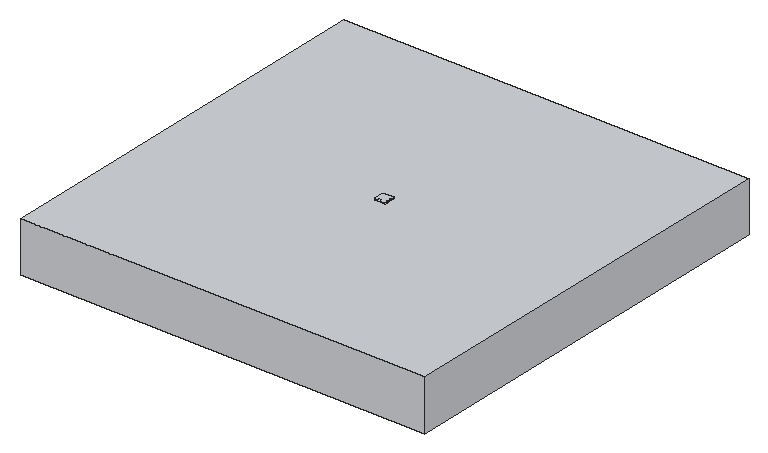
Revit family "Gira_540900rfa", category Allgemeines Modell, Revit 2017
Family settings
  Basisbauteil = Fläche
  Kann Basisbauteil für Bewehrung sein = Nein
  Bemaßung runder Anschluss = Durchmesser verwenden
  Teiletyp = Normal
  Beim Laden mit Abzugskörper schneiden = Nein
  Gemeinsam genutzt = Nein
  Raumberechnungspunkt = Nein
Parameters
  With memory function = no
  With glass breaking detector connection = no
  With brightness sensor connection = no
  With N-busbar = no
  With Astro program = no
  Default Elevation = 1219.2 mm
  URL = "https://www.gira.de/"
  Typname = "S3000 aux.ins. 3-wire Insert"
  Type of load = "Universal"
  Type of fastening = "Mounting with claw and screw"
  Transparent = no
  Through loss at 860 MHz [B] = 0.1
  Through loss at 2150 MHz [B] = 0.1
  Temperature [Kelvin] = "[5:45]"
  Switch-off protection = no
  Surface protection = "Other"
  Surface finishing = "Not applicable"
  Suitable for wire wound low voltage transformer = yes
  Suitable for wind sensor = no
  Suitable for staircase time switch = no
  Suitable for rain sensor = no
  Suitable for fluorescent tube/energy-saving lamp = yes
  Suitable for electronic low voltage transformer = yes
  Suitable for degree of protection (IP) = "IP20"
  Suitable for 230 V incandescent lamp/halogen lamp = yes
  Substation input = yes
  Shielded housing = no
  Shielded buses = yes
  Serial dimmer = no
  Separate strain relief = yes
  Random generator = no
  Productwebsite = "http://katalog.gira.de/en/datenblatt.html?artikelnr=540900"
  Only suitable as substation = no
  Nominal voltage [Volt] 3 = "[230:230]"
  Nominal voltage [Volt] 2 = "[230:230]"
  Nominal voltage [Volt] = 230
  Mounting method shielding connection = "Screw"
  Mounting method = "Flush mounted (plaster)"
  Model = "Auxiliary post"
  Min. depth of built-in installation box [m] = 0.024
  Method of operation = "Turn/push button"
  Mechanical coding = no
  Max. switching power [Voltampere] = 1000
  Material quality = "Other"
  Material = "Other"
  Light value memory = no
  Integrated timer = no
  Input for substation = no
  Hersteller = "Gira"
  Halogen free = no
  HAN = "540900"
  GTIN = "4010337048329"
  Frequency [Hz] = "[50:60]"
  Forced switch off = no
  Dimming phase cut-on = yes
  Dimming phase cut-off = yes
  Degree of protection (IP) = "IP20"
  Data sheet = "https://katalog.gira.de/en/download.html?artikelnr=540900"
  Connection type = "Screwed terminal"
  Colour = "Other"
  Category = "Other"
  Beschreibung = "S3000 aux.ins.3-w Ins.,System 3000 auxiliary insert, 3-wire,,,Features:,- Auxiliary unit operation of inserts with auxiliary input from System 3000.,- Operation with suitable operating top unit from System 3000.,- Operation with neutral conductor connection."
  BIM = "https://media.stage.bim.site/public/gira/290f3eb/Einsatz_1fach.rfa"
  Assembly arrangement = "Basic element"
  Applicable with transmission button = no
  Applicable with time switch/timer = no
  Applicable with presence indicator = yes
  Applicable with movement sensor = yes
  Applicable with infrared button = no
  Applicable with button = yes
  App control via Bluetooth = no
Reference planes
  plane 1 "Center (Front/Back)": y = 0
  plane 2: z = 0
  plane 3 "Center (Left/Right)": x = 0
Forms (mm)
  Extrusion 1, solid
    sketch origin (0, 0, 0) x (1, 0, 0) y (0, 1, 0)
      loop
        line (-1219.2, 1219.2) -> (-1219.2, -1219.2) -> (1219.2, -1219.2) -> (1219.2, 1219.2) -> (-1219.2, 1219.2)
    from 0 to -304.8
  Extrusion 2, solid, detail levels fine
    sketch origin (0, 0, 0) x (1, 0, 0) y (0, 1, 0)
      loop
        line (27.475, 35.475) -> (-27.475, 35.475)
        arc (-27.475, 35.475) -> (-33.132, 33.132) -> (-35.475, 27.475) r 8
        line (-35.475, 27.475) -> (-35.475, -27.475)
        arc (-35.475, -27.475) -> (-33.132, -33.132) -> (-27.475, -35.475) r 8
        line (-27.475, -35.475) -> (27.475, -35.475)
        arc (27.475, -35.475) -> (33.132, -33.132) -> (35.475, -27.475) r 8
        line (35.475, -27.475) -> (35.475, 27.475)
        arc (35.475, 27.475) -> (33.132, 33.132) -> (27.475, 35.475) r 8
    from 0 to 1.8
  Extrusion 3, solid, detail levels fine
    sketch origin (0, 0, 0) x (1, 0, 0) y (0, 1, 0)
      loop
        line (9.678, 25.4) -> (-9.678, 25.4)
        arc (-9.678, 25.4) -> (-12.885, 24.922) -> (-15.814, 23.53) r 11
        arc (-15.814, 23.53) -> (-17.795, 22.07) -> (-19.641, 20.444) r 28.35
        arc (-19.641, 20.444) -> (-21.339, 18.665) -> (-22.876, 16.745) r 28.35
        arc (-22.876, 16.745) -> (-24.456, 13.666) -> (-25, 10.248) r 11
        line (-25, 10.248) -> (-25, -10.248)
        arc (-25, -10.248) -> (-24.456, -13.666) -> (-22.876, -16.745) r 11
        arc (-22.876, -16.745) -> (-20.409, -19.677) -> (-17.569, -22.25) r 28.35
        line (-17.569, -22.25) -> (17.569, -22.25)
        arc (17.569, -22.25) -> (20.409, -19.677) -> (22.876, -16.745) r 28.35
        arc (22.876, -16.745) -> (24.456, -13.666) -> (25, -10.248) r 11
        line (25, -10.248) -> (25, 10.248)
        arc (25, 10.248) -> (24.456, 13.666) -> (22.876, 16.745) r 11
        arc (22.876, 16.745) -> (21.593, 18.37) -> (20.195, 19.897) r 28.35
        arc (20.195, 19.897) -> (18.096, 21.823) -> (15.814, 23.53) r 28.35
        arc (15.814, 23.53) -> (12.885, 24.922) -> (9.678, 25.4) r 11
    from 0 to -22
  Extrusion 4, solid, detail levels medium
    sketch origin (0, 0, 0) x (1, 0, 0) y (0, 1, 0)
      loop
        line (-25, 25.4) -> (-25, -22.25) -> (25, -22.25) -> (25, 25.4) -> (-25, 25.4)
    from 0 to -22
  Extrusion 5, solid, detail levels coarse
    sketch origin (0, 0, 0) x (1, 0, 0) y (0, 1, 0)
      loop
        line (35.475, 35.475) -> (-35.475, 35.475) -> (-35.475, -35.475) -> (35.475, -35.475) -> (35.475, 35.475)
    from -22 to 1.8
  Extrusion 6, solid, detail levels medium
    sketch origin (0, 0, 0) x (1, 0, 0) y (0, 1, 0)
      loop
        line (35.475, 35.475) -> (-35.475, 35.475) -> (-35.475, -35.475) -> (35.475, -35.475) -> (35.475, 35.475)
    from 0 to 1.8
Dimensions and locks
  aligned and locked: plane 2 to Extrusion 1
  aligned and locked: level to Extrusion 1
Connectors
  electrical at (0, 0, -22)
    settings: on Extrusion 5, index 1, voltage 220 V, apparent load 0 VA, apparent load phase1 0 VA, apparent load phase2 0 VA, apparent load phase3 0 VA, power factor 1, load classification "Other", number of poles 1, system type 30, power factor state 1, is connector primary yes, connector utility no, sub classification motor no, connector description ""
